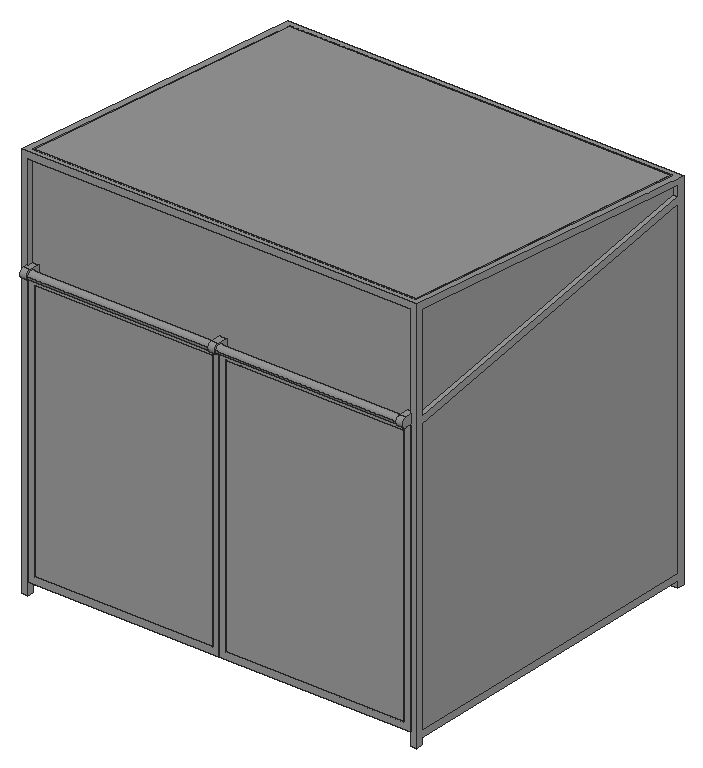
Revit family "15160 Контейнерный шкаф «Модуль XL» стальной Хоббика", category Антураж, Revit 2018
Family settings
  На основе рабочей плоскости = Нет
  Всегда вертикально = Да
  При загрузке вырезать с полостями = Нет
  Источник визуального образа = Геометрия семейства
  Общий = Нет
  Точка расчета площади = Нет
Parameters (values of type "Контейнерный шкаф «Модуль XL» стальной")
  Ширина = 1290 mm  # constant formula
  Цвет каркаса = Сталь
  Описание = "Контейнерный шкаф «Модуль XL» стальной"  # constant formula
  Материал изделия = "Сталь"  # constant formula
  Изображение типоразмера = Контейнерный шкаф «Модуль XL» стальной Арт 15160.jpg
  Изготовитель = "ООО «Хоббика»"  # constant formula
  Длина = 1530 mm  # constant formula
  Группа модели = "Контейнерные площадки для ТБО"  # constant formula
  Высота = 1540 mm  # constant formula
  Артикул товара = "Арт. 15160"  # constant formula
  URL = "https://hobbyka.ru/product/konteynernyy_shkaf_modul_xl_stalnoy/"
Reference planes
  plane 1 "По центру (Вперед/Назад)": y = 0
  plane 2: z = 0
  plane 3 "По центру (Влево/Вправо)": x = 0
  plane 4: x = 1530
  plane 5: y = 1290
  plane 6: z = 1540
Forms (mm)
  Extrusion 1, solid, material "Сталь" <- "Цвет каркаса"
    sketch origin (0, 0, 0) x (0, 1, 0) y (0, 0, 1)
      loop
        line (1290, 0) -> (1290, 1420) -> (0, 1540) -> (0, 0) -> (25, 0) -> (25, 25) -> (1265, 25) -> (1265, 0) -> (1290, 0)
      loop
        line (1265, 1397.218) -> (25, 1512.566) -> (25, 1138.355) -> (1265, 1357) -> (1265, 1397.218)
      loop
        line (1265, 1331.614) -> (25, 1112.969) -> (25, 50) -> (1265, 50) -> (1265, 1331.614)
    from 0 to 25
  Extrusion 2, solid, material "Сталь" <- "Цвет каркаса"
    sketch origin (0, 0, 0) x (0, 1, 0) y (0, 0, 1)
      loop
        line (1290, 0) -> (1290, 1420) -> (0, 1540) -> (0, 0) -> (25, 0) -> (25, 25) -> (1265, 25) -> (1265, 0) -> (1290, 0)
      loop
        line (1265, 1397.218) -> (25, 1512.566) -> (25, 1138.355) -> (1265, 1357) -> (1265, 1397.218)
      loop
        line (1265, 1331.614) -> (25, 1112.969) -> (25, 50) -> (1265, 50) -> (1265, 1331.614)
    from 1505 to 1530
  Extrusion 3, solid, material "Сталь" <- "Цвет каркаса"
    sketch origin (0, 0, 0) x (0, 1, 0) y (0, 0, 1)
      loop
        line (25, 1537.674) -> (0, 1540) -> (0, 1514.892) -> (25, 1512.566) -> (25, 1537.674)
      loop
        line (1290, 1420) -> (1265, 1422.326) -> (1265, 1397.218) -> (1290, 1394.892) -> (1290, 1420)
      loop
        line (1265, 50) -> (1265, 25) -> (1290, 25) -> (1290, 50) -> (1265, 50)
    from 0 to 1530
  Extrusion 4, solid, material "Сталь" <- "Цвет каркаса"
    sketch origin (0, 0, 0) x (1, 0, 0) y (0, 0, 1)
      loop
        line (25, 1112.969) -> (25, 50) -> (765, 50) -> (765, 1112.969) -> (25, 1112.969)
      loop
        line (50, 1087.969) -> (50, 75) -> (740, 75) -> (740, 1087.969) -> (50, 1087.969)
    from 0 to -25
  Extrusion 5, solid, material "Сталь" <- "Цвет каркаса"
    sketch origin (740, 0, 0) x (1, 0, 0) y (0, 0, 1)
      loop
        line (25, 1112.969) -> (25, 50) -> (765, 50) -> (765, 1112.969) -> (25, 1112.969)
      loop
        line (50, 1087.969) -> (50, 75) -> (740, 75) -> (740, 1087.969) -> (50, 1087.969)
    from 0 to -25
  Extrusion 6, solid, material "Сталь" <- "Цвет каркаса"
    sketch origin (0, 0, 0) x (0, 1, 0) y (0, 0, 1)
      loop
        line (1265, 1397.218) -> (25, 1512.566) -> (25, 1138.355) -> (1265, 1357) -> (1265, 1397.218)
    from 20 to 25
  Extrusion 7, solid, material "Сталь" <- "Цвет каркаса"
    sketch origin (0, 0, 0) x (0, 1, 0) y (0, 0, 1)
      loop
        line (1265, 1397.218) -> (25, 1512.566) -> (25, 1138.355) -> (1265, 1357) -> (1265, 1397.218)
    from 1505 to 1510
  Extrusion 8, solid, material "Сталь" <- "Цвет каркаса"
    sketch origin (0, 0, 0) x (0, 1, 0) y (0, 0, 1)
      loop
        line (20, 1513.032) -> (20, 1112.969) -> (25, 1112.969) -> (25, 1512.566) -> (20, 1513.032)
    from 25 to 1505
  Extrusion 9, solid, material "Сталь" <- "Цвет каркаса"
    sketch origin (0, 0, 0) x (0, 1, 0) y (0, 0, 1)
      loop
        line (1265, 1331.614) -> (25, 1112.969) -> (25, 50) -> (1265, 50) -> (1265, 1331.614)
    from 1 to 6
  Extrusion 10, solid, material "Сталь" <- "Цвет каркаса"
    sketch origin (0, -1125, 0) x (0, 1, 0) y (0, 0, 1)
      loop
        line (2390, 1331.614) -> (1150, 1112.969) -> (1150, 50) -> (2390, 50) -> (2390, 1331.614)
    from 1524 to 1529
  Extrusion 11, solid, material "Сталь" <- "Цвет каркаса"
    sketch origin (0, 0, 0) x (1, 0, 0) y (0, 1, 0)
      loop
        line (25, 1289) -> (25, 1284) -> (1505, 1284) -> (1505, 1289) -> (25, 1289)
    from 50 to 1394.892
  Extrusion 12, solid, material "Сталь" <- "Цвет каркаса"
    sketch origin (0, 0, 0) x (0, 1, 0) y (0, 0, 1)
      loop
        line (1265, 1422.326) -> (25, 1537.674) -> (25, 1532.653) -> (1265, 1417.304) -> (1265, 1422.326)
    from 25 to 1505
  Extrusion 13, solid, material "Сталь" <- "Цвет каркаса"
    sketch origin (0, 0, 0) x (1, 0, 0) y (0, 0, 1)
      loop
        line (50, 1087.969) -> (50, 75) -> (740, 75) -> (740, 1087.969) -> (50, 1087.969)
    from -1 to -6
  Extrusion 14, solid, material "Сталь" <- "Цвет каркаса"
    sketch origin (0, 20, 10) x (0, 1, 0) y (0, 0, 1)
      loop
        line (0, 1137.969) -> (-40, 1137.969)
        arc (-40, 1137.969) -> (-57.5, 1120.469) -> (-40, 1102.969) r 17.5
        line (-40, 1102.969) -> (0, 1102.969) -> (0, 1137.969)
    from 25 to 50
  Extrusion 15, solid, material "Сталь" <- "Цвет каркаса"
    sketch origin (0, 20, 10) x (0, 1, 0) y (0, 0, 1)
      loop
        line (-40, 1102.969) -> (0, 1102.969) -> (0, 1137.969) -> (-40, 1137.969)
        arc (-40, 1137.969) -> (-57.5, 1120.469) -> (-40, 1102.969) r 17.5
    from 1480 to 1505
  Extrusion 16, solid, material "Сталь" <- "Цвет каркаса"
    sketch origin (0, 20, 35) x (0, 1, 0) y (0, 0, 1)
      loop
        line (-40, 1077.969) -> (0, 1077.969) -> (0, 1112.969) -> (-40, 1112.969)
        arc (-40, 1112.969) -> (-57.5, 1095.469) -> (-40, 1077.969) r 17.5
    from 752.5 to 777.5
  Extrusion 17, solid, material "Сталь" <- "Цвет каркаса"
    sketch origin (0, 20, 35) x (0, 1, 0) y (0, 0, 1)
      loop
        circle (-40, 1095.469) r 15
    from 50 to 1480
  Extrusion 18, solid, material "Сталь" <- "Цвет каркаса"
    sketch origin (740, 0, 0) x (1, 0, 0) y (0, 0, 1)
      loop
        line (50, 1087.969) -> (50, 75) -> (740, 75) -> (740, 1087.969) -> (50, 1087.969)
    from -1 to -6
Cuts and joins
  joined: Extrusion 1, Extrusion 2, Extrusion 3
  joined: Extrusion 16, Extrusion 17
Dimensions and locks
  "Ширина": plane 5 to plane 1 "По центру (Вперед/Назад)"
  "Длина": plane 3 "По центру (Влево/Вправо)" to plane 4
  "Высота": plane 6 to plane 2
  cut or joined group of Extrusion 1, Extrusion 2, Extrusion 3 to cut or joined group of Extrusion 1, Extrusion 2, Extrusion 3 = 1240 mm
  aligned and locked: level to plane 2
Automatic sketch dimensions
  Extrusion 1 sketch curve to level = 0 mm  (x2)
  Extrusion 1 sketch curve to plane 1 "По центру (Вперед/Назад)" = 0 mm
  Extrusion 1 sketch curve to plane 5 = 0 mm
  Extrusion 1 sketch curve to plane 6 = 0 mm
  Extrusion 1 sketch curve to plane 1 "По центру (Вперед/Назад)" = 25 mm  (x3)
  Extrusion 1 sketch curve to plane 5 = 25 mm  (x3)
  level to Extrusion 1 sketch curve = 25 mm
  Extrusion 1 sketch curve to Extrusion 1 sketch curve = 25 mm
  Extrusion 1 sketch curve to plane 6 = 427.031 mm
  Extrusion 1 sketch curve to Extrusion 1 sketch curve = 25.386 mm  (x2)
  Extrusion 1 sketch curve to plane 6 = 208.386 mm
  Extrusion 1 sketch curve to Extrusion 1 sketch curve = 40.218 mm
  Extrusion 1 sketch curve to Extrusion 1 sketch curve = 22.782 mm
  Extrusion 1 sketch curve to plane 6 = 27.434 mm
  Extrusion 2 sketch curve to level = 0 mm  (x2)
  Extrusion 2 sketch curve to plane 1 "По центру (Вперед/Назад)" = 0 mm
  Extrusion 2 sketch curve to plane 5 = 0 mm
  Extrusion 2 sketch curve to plane 6 = 0 mm
  Extrusion 2 sketch curve to plane 1 "По центру (Вперед/Назад)" = 25 mm  (x3)
  Extrusion 2 sketch curve to plane 5 = 25 mm  (x3)
  level to Extrusion 2 sketch curve = 25 mm
  Extrusion 2 sketch curve to Extrusion 2 sketch curve = 25 mm
  Extrusion 2 sketch curve to plane 6 = 427.031 mm
  Extrusion 2 sketch curve to Extrusion 2 sketch curve = 25.386 mm  (x2)
  Extrusion 2 sketch curve to plane 6 = 208.386 mm
  Extrusion 2 sketch curve to Extrusion 2 sketch curve = 40.218 mm
  Extrusion 2 sketch curve to Extrusion 2 sketch curve = 22.782 mm
  Extrusion 2 sketch curve to plane 6 = 27.434 mm
  Extrusion 3 sketch curve to plane 1 "По центру (Вперед/Назад)" = 0 mm
  Extrusion 3 sketch curve to plane 5 = 0 mm  (x2)
  Extrusion 3 sketch curve to plane 6 = 0 mm
  Extrusion 3 sketch curve to plane 6 = 2.326 mm
  Extrusion 3 sketch curve to plane 1 "По центру (Вперед/Назад)" = 25 mm
  Extrusion 3 sketch curve to plane 5 = 25 mm  (x2)
  Extrusion 3 sketch curve to Extrusion 3 sketch curve = 25.108 mm  (x4)
  Extrusion 3 sketch curve to plane 6 = 117.674 mm
  Extrusion 3 sketch curve to Extrusion 3 sketch curve = 2.326 mm
  level to Extrusion 3 sketch curve = 50 mm
  level to Extrusion 3 sketch curve = 25 mm
  plane 3 "По центру (Влево/Вправо)" to Extrusion 4 sketch curve = 25 mm
  Extrusion 4 sketch curve to Extrusion 4 sketch curve = 25 mm  (x4)
  level to Extrusion 4 sketch curve = 75 mm
  Extrusion 4 sketch curve to Extrusion 4 sketch curve = 690 mm
  Extrusion 4 sketch curve to plane 6 = 452.031 mm
  level to Extrusion 5 sketch curve = 50 mm
  plane 3 "По центру (Влево/Вправо)" to Extrusion 5 sketch curve = 765 mm
  Extrusion 5 sketch curve to Extrusion 5 sketch curve = 25 mm  (x3)
  Extrusion 5 sketch curve to plane 4 = 50 mm
  Extrusion 5 sketch curve to plane 4 = 25 mm
  Extrusion 5 sketch curve to plane 6 = 452.031 mm
  Extrusion 6 sketch curve to plane 1 "По центру (Вперед/Назад)" = 25 mm
  Extrusion 6 sketch curve to plane 5 = 25 mm
  Extrusion 6 sketch curve to plane 6 = 401.645 mm
  Extrusion 6 sketch curve to plane 6 = 183 mm
  Extrusion 6 sketch curve to Extrusion 6 sketch curve = 40.218 mm
  Extrusion 6 sketch curve to plane 6 = 27.434 mm
  Extrusion 7 sketch curve to plane 1 "По центру (Вперед/Назад)" = 25 mm
  Extrusion 7 sketch curve to plane 5 = 25 mm
  Extrusion 7 sketch curve to plane 6 = 401.645 mm
  Extrusion 7 sketch curve to plane 6 = 183 mm
  Extrusion 7 sketch curve to Extrusion 7 sketch curve = 40.218 mm
  Extrusion 7 sketch curve to plane 6 = 27.434 mm
  Extrusion 8 sketch curve to plane 1 "По центру (Вперед/Назад)" = 20 mm
  Extrusion 8 sketch curve to Extrusion 8 sketch curve = 5 mm
  Extrusion 8 sketch curve to plane 6 = 427.031 mm
  Extrusion 8 sketch curve to plane 6 = 27.434 mm
  Extrusion 8 sketch curve to Extrusion 8 sketch curve = 0.465 mm
  Extrusion 10 sketch curve to plane 1 "По центру (Вперед/Назад)" = 25 mm
  Extrusion 10 sketch curve to Extrusion 10 sketch curve = 1240 mm
  level to Extrusion 10 sketch curve = 50 mm
  Extrusion 10 sketch curve to plane 6 = 427.031 mm
  Extrusion 10 sketch curve to Extrusion 10 sketch curve = 218.645 mm
  Extrusion 11 sketch curve to plane 5 = 6 mm
  plane 3 "По центру (Влево/Вправо)" to Extrusion 11 sketch curve = 25 mm
  Extrusion 11 sketch curve to plane 4 = 25 mm
  Extrusion 11 sketch curve to plane 5 = 1 mm
  Extrusion 12 sketch curve to plane 6 = 2.326 mm
  Extrusion 12 sketch curve to plane 1 "По центру (Вперед/Назад)" = 25 mm
  Extrusion 12 sketch curve to plane 5 = 25 mm
  Extrusion 12 sketch curve to Extrusion 12 sketch curve = 5.022 mm  (x2)
  Extrusion 12 sketch curve to plane 6 = 117.674 mm
  plane 3 "По центру (Влево/Вправо)" to Extrusion 13 sketch curve = 50 mm
  level to Extrusion 13 sketch curve = 75 mm
  Extrusion 13 sketch curve to Extrusion 13 sketch curve = 690 mm
  Extrusion 13 sketch curve to plane 6 = 452.031 mm
  plane 1 "По центру (Вперед/Назад)" to Extrusion 14 sketch curve = 20 mm
  Extrusion 14 sketch curve to plane 1 "По центру (Вперед/Назад)" = 20 mm
  Extrusion 14 sketch curve to plane 6 = 427.031 mm
  Extrusion 14 sketch curve to Extrusion 14 sketch curve = 17.5 mm
  plane 1 "По центру (Вперед/Назад)" to Extrusion 15 sketch curve = 20 mm
  Extrusion 15 sketch curve to plane 1 "По центру (Вперед/Назад)" = 20 mm
  Extrusion 15 sketch curve to plane 6 = 427.031 mm
  Extrusion 15 sketch curve to Extrusion 15 sketch curve = 17.5 mm
  plane 1 "По центру (Вперед/Назад)" to Extrusion 16 sketch curve = 20 mm
  Extrusion 16 sketch curve to plane 1 "По центру (Вперед/Назад)" = 20 mm
  Extrusion 16 sketch curve to plane 6 = 427.031 mm
  Extrusion 16 sketch curve to Extrusion 16 sketch curve = 17.5 mm
  plane 1 "По центру (Вперед/Назад)" to Extrusion 17 sketch curve = 20 mm
  Extrusion 17 sketch curve to plane 6 = 409.531 mm
  level to Extrusion 18 sketch curve = 75 mm
  Extrusion 18 sketch curve to plane 4 = 740 mm
  Extrusion 18 sketch curve to plane 4 = 50 mm
  Extrusion 18 sketch curve to plane 6 = 452.031 mm
  Extrusion 9 sketch curve to plane 1 "По центру (Вперед/Назад)" = 25 mm
  Extrusion 9 sketch curve to plane 5 = 25 mm
  level to Extrusion 9 sketch curve = 50 mm
  Extrusion 9 sketch curve to plane 6 = 427.031 mm
  Extrusion 9 sketch curve to plane 6 = 208.386 mm
  radius of Extrusion 17 sketch curve = 15 mm
